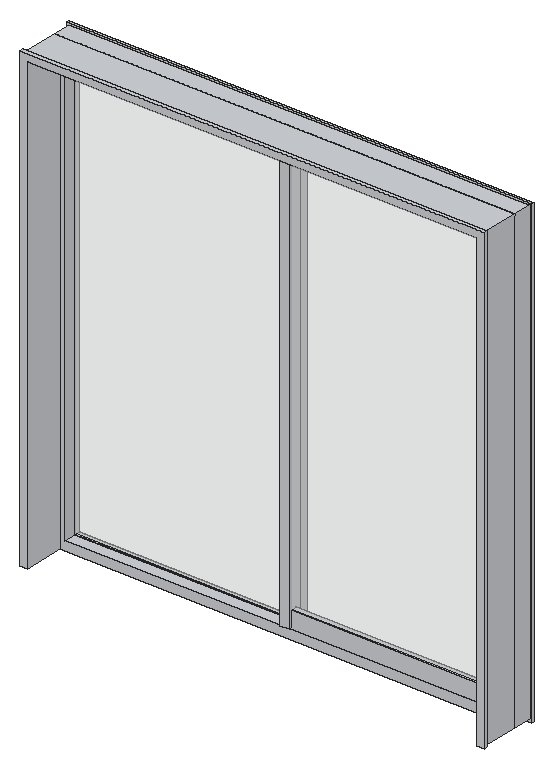
Revit family "APL Residential Thermal Heart Sliding Door SF", category Doors, host Wall, Revit 2017 (continued)
Definition of nested family "APL Residential Thermal Heart Sliding Door SF Vertical Section"
  Definition of nested family "Head Two Panel"
    Definition of nested family "65460_Door Top And Window Rail"
      Lines and regions (mm)
        detail lines, in view "Ref. Level"
          curve 281: line (5.299, 38.032, 0) -> (3.889, 37.519, 0)
          curve 282: line (3.119, 37.25, 0) -> (2.3, 37.25, 0)
          curve 283: line (1.8, 37.75, 0) -> (1.8, 41.053, 0)
          curve 284: line (2, 41.25, 0) -> (3, 41.25, 0)
          curve 285: line (3.2, 41.45, 0) -> (3.2, 42.55, 0)
          curve 286: line (3, 42.75, 0) -> (2, 42.75, 0)
          curve 287: line (1.8, 42.947, 0) -> (1.8, 56.053, 0)
          curve 288: line (2, 56.25, 0) -> (3, 56.25, 0)
          curve 289: line (3.2, 56.45, 0) -> (3.2, 57.55, 0)
          curve 290: line (3, 57.75, 0) -> (2, 57.75, 0)
          curve 291: line (1.8, 57.947, 0) -> (1.8, 71.8, 0)
          curve 292: line (1.6, 72, 0) -> (0.5, 72, 0)
          curve 293: line (0, 71.5, 0) -> (0, 0.2, 0)
          curve 294: line (0.2, 0, 0) -> (3.002, 0, 0)
          curve 295: line (3.202, 0.2, 0) -> (3.202, 1.63, 0)
          curve 296: line (3.002, 1.83, 0) -> (2.402, 1.83, 0)
          curve 297: line (2.202, 1.63, 0) -> (2.202, 1.28, 0)
          curve 298: line (2.002, 1.08, 0) -> (1.402, 1.08, 0)
          curve 299: line (1.202, 1.28, 0) -> (1.202, 4.38, 0)
          curve 300: line (1.402, 4.58, 0) -> (2.002, 4.58, 0)
          curve 301: line (2.202, 4.38, 0) -> (2.202, 4.03, 0)
          curve 302: line (2.402, 3.83, 0) -> (3.002, 3.83, 0)
          curve 303: line (3.202, 4.03, 0) -> (3.202, 7.13, 0)
          curve 304: arc (3.202, 7.13, 0) -> (3.143, 7.271, 0) -> (3.002, 7.33, 0) r 0.2
      Text (mm)
        text "65460" at (7.711, 85.3, 0), in view "Ref. Level"
    Definition of nested family "65400_Frame Head"
      Reference planes
        plane 1 "Center (Front/Back)": y = 0
        plane 2: z = 0
        plane 3 "Center (Left/Right)": x = 0
      Lines and regions (mm)
        detail lines, in view "Ref. Level"
          curve 1: arc (46.1, -24.2, 0) -> (45.602, -22.998, 0) -> (44.4, -22.5, 0) r 1.7
          curve 2: arc (29.9, -22.5, 0) -> (29.546, -22.354, 0) -> (29.4, -22, 0) r 0.5
          curve 3: arc (29.4, -8.901, 0) -> (29.546, -8.547, 0) -> (29.9, -8.4, 0) r 0.5
          curve 4: arc (36.605, -8.4, 0) -> (37.013, -8.479, 0) -> (37.363, -8.704, 0) r 1.1
          curve 5: arc (37.363, -8.704, 0) -> (38.199, -9.316, 0) -> (39.189, -9.621, 0) r 3.126
          curve 6: arc (62.286, -10.8, 0) -> (62.738, -11.119, 0) -> (63.285, -11.042, 0) r 0.75
          curve 7: arc (63.285, -11.042, 0) -> (64.2, -10.8, 0) -> (65.115, -11.042, 0) r 1.85
          curve 8: arc (65.115, -11.042, 0) -> (65.281, -11.112, 0) -> (65.459, -11.14, 0) r 0.75
          curve 9: arc (65.459, -11.14, 0) -> (65.663, -11.192, 0) -> (65.828, -11.324, 0) r 0.5
          curve 10: arc (65.828, -11.324, 0) -> (66.3, -12.65, 0) -> (65.828, -13.976, 0) r 2.1
          curve 11: arc (65.828, -13.976, 0) -> (65.663, -14.108, 0) -> (65.459, -14.16, 0) r 0.5
          curve 12: arc (65.459, -14.16, 0) -> (65.281, -14.188, 0) -> (65.115, -14.258, 0) r 0.75
          curve 13: arc (65.115, -14.258, 0) -> (63.721, -14.437, 0) -> (62.604, -13.585, 0) r 1.85
          curve 14: arc (62.604, -13.585, 0) -> (61.577, -13.317, 0) -> (61.309, -14.343, 0) r 0.75
          curve 15: arc (61.309, -14.343, 0) -> (62.349, -15.442, 0) -> (63.765, -15.972, 0) r 3.35
          curve 16: arc (63.765, -15.972, 0) -> (64.076, -16.138, 0) -> (64.2, -16.467, 0) r 0.5
          curve 17: arc (64.2, -25.517, 0) -> (64.489, -27.435, 0) -> (65.33, -29.182, 0) r 6.5
          curve 18: arc (65.33, -29.182, 0) -> (65.978, -30.526, 0) -> (66.2, -32, 0) r 5
          curve 19: arc (66.2, -41.1, 0) -> (66.054, -41.454, 0) -> (65.7, -41.6, 0) r 0.5
          curve 20: arc (47, -41.6, 0) -> (46.646, -41.454, 0) -> (46.5, -41.1, 0) r 0.5
          curve 21: arc (46.5, -36.5, 0) -> (46.396, -35.952, 0) -> (46.1, -35.48, 0) r 1.5
          curve 22: arc (24.183, -8.227, 0) -> (24.053, -8.162, 0) -> (24, -8.027, 0) r 0.2
          curve 23: arc (24.399, -5.679, 0) -> (24.668, -5.392, 0) -> (25.06, -5.387, 0) r 0.5
          curve 24: arc (25.06, -5.387, 0) -> (25.236, -5.3, 0) -> (25.42, -5.367, 0) r 0.25
          curve 25: arc (25.42, -5.367, 0) -> (25.563, -5.498, 0) -> (25.569, -5.691, 0) r 0.25
          curve 26: arc (26.823, -6.456, 0) -> (26.898, -6.489, 0) -> (26.979, -6.5, 0) r 0.3
          curve 27: arc (27.5, -6.5, 0) -> (27.658, -6.422, 0) -> (27.694, -6.25, 0) r 0.2
          curve 28: arc (27.5, -2.247, 0) -> (27.526, -2.125, 0) -> (27.6, -2.024, 0) r 0.3
          curve 29: arc (27.6, -2.024, 0) -> (27.664, -1.657, 0) -> (27.322, -1.51, 0) r 0.3
          curve 30: arc (25.179, -2.043, 0) -> (25.09, -2.095, 0) -> (25.038, -2.184, 0) r 0.2
          curve 31: arc (24.993, -2.352, 0) -> (24.852, -2.493, 0) -> (24.659, -2.441, 0) r 0.2
          curve 32: arc (24.295, -2.078, 0) -> (24.235, -1.992, 0) -> (24.208, -1.892, 0) r 0.3
          curve 33: arc (24.001, 0.474, 0) -> (24.117, 0.738, 0) -> (24.403, 0.782, 0) r 0.3
          curve 34: arc (25.813, 0.268, 0) -> (25.939, 0.181, 0) -> (26.005, 0.043, 0) r 0.3
          curve 35: arc (26.005, 0.043, 0) -> (26.278, -0.199, 0) -> (26.583, 0, 0) r 0.3
          curve 36: arc (28.9, 0, 0) -> (29.254, -0.146, 0) -> (29.4, -0.5, 0) r 0.5
          curve 37: arc (29.4, -6.1, 0) -> (29.546, -6.454, 0) -> (29.9, -6.6, 0) r 0.499
          curve 38: arc (37.767, -6.6, 0) -> (38.931, -6.835, 0) -> (39.913, -7.503, 0) r 2.996
          curve 39: arc (39.913, -7.503, 0) -> (40.232, -7.73, 0) -> (40.611, -7.831, 0) r 1.1
          curve 40: arc (68.1, -8.9, 0) -> (68.241, -8.841, 0) -> (68.3, -8.7, 0) r 0.2
          curve 41: arc (68.3, -0.5, 0) -> (68.446, -0.146, 0) -> (68.8, 0, 0) r 0.5
          curve 42: arc (71.117, 0, 0) -> (71.422, -0.199, 0) -> (71.695, 0.043, 0) r 0.3
          curve 43: arc (71.695, 0.043, 0) -> (71.761, 0.181, 0) -> (71.887, 0.268, 0) r 0.3
          curve 44: arc (73.297, 0.782, 0) -> (73.583, 0.738, 0) -> (73.699, 0.474, 0) r 0.3
          curve 45: arc (73.492, -1.892, 0) -> (73.465, -1.992, 0) -> (73.405, -2.078, 0) r 0.3
          curve 46: arc (73.041, -2.441, 0) -> (72.848, -2.493, 0) -> (72.707, -2.352, 0) r 0.2
          curve 47: arc (72.662, -2.184, 0) -> (72.61, -2.095, 0) -> (72.521, -2.043, 0) r 0.2
          curve 48: arc (70.378, -1.51, 0) -> (70.036, -1.657, 0) -> (70.1, -2.024, 0) r 0.3
          curve 49: arc (70.1, -2.024, 0) -> (70.174, -2.125, 0) -> (70.2, -2.247, 0) r 0.3
          curve 50: arc (70.006, -6.25, 0) -> (70.042, -6.422, 0) -> (70.2, -6.5, 0) r 0.2
          curve 51: arc (70.721, -6.5, 0) -> (70.802, -6.489, 0) -> (70.877, -6.456, 0) r 0.3
          curve 52: arc (72.131, -5.691, 0) -> (72.137, -5.498, 0) -> (72.28, -5.367, 0) r 0.25
          curve 53: arc (72.28, -5.367, 0) -> (72.55, -5.321, 0) -> (72.7, -5.55, 0) r 0.25
          curve 54: arc (72.7, -7.124, 0) -> (72.618, -7.522, 0) -> (72.385, -7.854, 0) r 1
          curve 55: arc (72.385, -7.854, 0) -> (72.322, -8, 0) -> (72.385, -8.146, 0) r 0.2
          curve 56: arc (72.385, -8.146, 0) -> (72.618, -8.477, 0) -> (72.7, -8.874, 0) r 1
          curve 57: arc (72.7, -10.449, 0) -> (72.573, -10.668, 0) -> (72.32, -10.663, 0) r 0.25
          curve 58: arc (72.234, -10.611, 0) -> (72.128, -10.479, 0) -> (72.131, -10.309, 0) r 0.25
          curve 59: arc (70.877, -9.544, 0) -> (70.802, -9.511, 0) -> (70.721, -9.5, 0) r 0.3
          curve 60: arc (70.2, -9.5, 0) -> (70.042, -9.578, 0) -> (70.006, -9.75, 0) r 0.2
          curve 61: arc (70.2, -13.753, 0) -> (70.174, -13.876, 0) -> (70.1, -13.976, 0) r 0.3
          curve 62: arc (70.1, -13.976, 0) -> (70.02, -14.307, 0) -> (70.3, -14.5, 0) r 0.3
          curve 63: arc (72.521, -13.957, 0) -> (72.61, -13.905, 0) -> (72.662, -13.816, 0) r 0.2
          curve 64: arc (72.707, -13.648, 0) -> (72.848, -13.507, 0) -> (73.041, -13.559, 0) r 0.2
          curve 65: arc (73.405, -13.922, 0) -> (73.465, -14.008, 0) -> (73.492, -14.108, 0) r 0.3
          curve 66: arc (73.699, -16.474, 0) -> (73.583, -16.738, 0) -> (73.297, -16.782, 0) r 0.3
          curve 67: arc (71.887, -16.268, 0) -> (71.761, -16.181, 0) -> (71.695, -16.043, 0) r 0.3
          curve 68: arc (71.695, -16.043, 0) -> (71.422, -15.801, 0) -> (71.117, -16, 0) r 0.3
          curve 69: arc (66.201, -16, 0) -> (65.847, -16.146, 0) -> (65.7, -16.5, 0) r 0.5
          curve 70: arc (65.7, -25.519, 0) -> (65.922, -26.994, 0) -> (66.57, -28.337, 0) r 5
          curve 71: arc (66.57, -28.337, 0) -> (67.411, -30.083, 0) -> (67.7, -32, 0) r 6.5
          curve 72: arc (67.7, -33.1, 0) -> (67.759, -33.241, 0) -> (67.9, -33.3, 0) r 0.2
          curve 73: arc (69.3, -33.3, 0) -> (69.441, -33.241, 0) -> (69.5, -33.1, 0) r 0.2
          curve 74: arc (69.5, -32.8, 0) -> (70, -32.299, 0) -> (70.5, -32.8, 0) r 0.5
          curve 75: arc (70.5, -35.351, 0) -> (69.999, -35.85, 0) -> (69.5, -35.35, 0) r 0.5
          curve 76: arc (69.5, -34.5, 0) -> (69.441, -34.359, 0) -> (69.3, -34.3, 0) r 0.2
          curve 77: arc (67.9, -34.3, 0) -> (67.759, -34.359, 0) -> (67.7, -34.5, 0) r 0.2
          curve 78: arc (67.7, -41.8, 0) -> (67.759, -41.941, 0) -> (67.9, -42, 0) r 0.2
          curve 79: arc (69.3, -42, 0) -> (69.441, -41.941, 0) -> (69.5, -41.8, 0) r 0.2
          curve 80: arc (69.5, -40.95, 0) -> (70, -40.449, 0) -> (70.5, -40.95, 0) r 0.5
          curve 81: arc (70.5, -42.499, 0) -> (70.354, -42.853, 0) -> (70, -43, 0) r 0.5
          curve 82: arc (42.7, -43, 0) -> (42.559, -42.941, 0) -> (42.5, -42.8, 0) r 0.2
          curve 83: arc (42.5, -41.25, 0) -> (43, -40.749, 0) -> (43.5, -41.25, 0) r 0.5
          curve 84: arc (43.5, -41.8, 0) -> (43.559, -41.941, 0) -> (43.7, -42, 0) r 0.2
          curve 85: arc (44.8, -42, 0) -> (44.941, -41.941, 0) -> (45, -41.8, 0) r 0.2
          curve 86: arc (45, -36.7, 0) -> (44.941, -36.559, 0) -> (44.8, -36.5, 0) r 0.2
          curve 87: arc (43.7, -36.5, 0) -> (43.559, -36.559, 0) -> (43.5, -36.7, 0) r 0.2
          curve 88: arc (43.5, -37.25, 0) -> (43, -37.749, 0) -> (42.5, -37.25, 0) r 0.5
          curve 89: arc (42.5, -36.5, 0) -> (42.793, -35.793, 0) -> (43.5, -35.5, 0) r 1
          curve 90: arc (44.395, -35.5, 0) -> (44.539, -35.443, 0) -> (44.6, -35.3, 0) r 0.202
          curve 91: arc (44.6, -24.2, 0) -> (44.538, -24.058, 0) -> (44.395, -24, 0) r 0.205
          curve 92: arc (26.583, -24, 0) -> (26.278, -23.801, 0) -> (26.005, -24.043, 0) r 0.3
          curve 93: arc (26.005, -24.043, 0) -> (25.939, -24.181, 0) -> (25.813, -24.268, 0) r 0.3
          curve 94: arc (24.403, -24.782, 0) -> (24.117, -24.738, 0) -> (24.001, -24.474, 0) r 0.3
          curve 95: arc (24.208, -22.108, 0) -> (24.235, -22.008, 0) -> (24.295, -21.922, 0) r 0.3
          curve 96: arc (24.659, -21.559, 0) -> (24.852, -21.507, 0) -> (24.993, -21.648, 0) r 0.2
          curve 97: arc (25.038, -21.816, 0) -> (25.09, -21.905, 0) -> (25.179, -21.957, 0) r 0.2
          curve 98: arc (27.322, -22.49, 0) -> (27.664, -22.343, 0) -> (27.6, -21.976, 0) r 0.3
          curve 99: arc (27.6, -21.976, 0) -> (27.526, -21.875, 0) -> (27.5, -21.753, 0) r 0.3
          curve 100: arc (27.694, -17.75, 0) -> (27.658, -17.578, 0) -> (27.5, -17.5, 0) r 0.2
          curve 101: arc (26.979, -17.5, 0) -> (26.898, -17.511, 0) -> (26.823, -17.544, 0) r 0.3
          curve 102: arc (25.569, -18.309, 0) -> (25.563, -18.502, 0) -> (25.42, -18.633, 0) r 0.25
          curve 103: arc (25.42, -18.633, 0) -> (25.15, -18.679, 0) -> (25, -18.45, 0) r 0.25
          curve 104: arc (25, -16.874, 0) -> (25.128, -16.385, 0) -> (25.479, -16.021, 0) r 1
          curve 105: line (46.1, -35.48, 0) -> (46.1, -24.2, 0)
          curve 106: line (44.4, -22.5, 0) -> (29.9, -22.5, 0)
          curve 107: line (29.4, -22, 0) -> (29.4, -8.901, 0)
          curve 108: line (29.9, -8.4, 0) -> (36.605, -8.4, 0)
          curve 109: line (39.189, -9.621, 0) -> (53.629, -10.8, 0)
          curve 110: line (53.629, -10.8, 0) -> (62.286, -10.8, 0)
          curve 111: line (64.2, -16.467, 0) -> (64.2, -25.517, 0)
          curve 112: line (66.2, -32, 0) -> (66.2, -41.1, 0)
          curve 113: line (65.7, -41.6, 0) -> (47, -41.6, 0)
          curve 114: line (46.5, -41.1, 0) -> (46.5, -36.5, 0)
          curve 115: line (27.317, -8.501, 0) -> (24.183, -8.227, 0)
          curve 116: line (24, -8.027, 0) -> (24, -6.776, 0)
          curve 117: line (24, -6.776, 0) -> (24.399, -5.679, 0)
          curve 118: line (25.569, -5.691, 0) -> (26.823, -6.456, 0)
          curve 119: line (26.979, -6.5, 0) -> (27.5, -6.5, 0)
          curve 120: line (27.694, -6.25, 0) -> (27.5, -5.5, 0)
          curve 121: line (27.5, -5.475, 0) -> (27.5, -2.247, 0)
          curve 122: line (27.312, -1.472, 0) -> (25.179, -2.043, 0)
          curve 123: line (25.038, -2.184, 0) -> (24.993, -2.352, 0)
          curve 124: line (24.659, -2.441, 0) -> (24.295, -2.078, 0)
          curve 125: line (24.208, -1.892, 0) -> (24.001, 0.474, 0)
          curve 126: line (24.403, 0.782, 0) -> (25.813, 0.268, 0)
          curve 127: line (26.583, 0, 0) -> (28.9, 0, 0)
          curve 128: line (29.4, -0.5, 0) -> (29.4, -6.1, 0)
          curve 129: line (29.9, -6.6, 0) -> (33.5, -6.6, 0)
          curve 130: line (33.5, -6.6, 0) -> (33.9, -7, 0)
          curve 131: line (33.9, -7, 0) -> (34.3, -6.6, 0)
          curve 132: line (34.3, -6.6, 0) -> (37.767, -6.6, 0)
          curve 133: line (40.611, -7.831, 0) -> (53.707, -8.9, 0)
          curve 134: line (53.707, -8.9, 0) -> (58.307, -8.9, 0)
          curve 135: line (58.307, -8.9, 0) -> (58.707, -9.3, 0)
          curve 136: line (58.707, -9.3, 0) -> (59.107, -8.9, 0)
          curve 137: line (59.107, -8.9, 0) -> (68.1, -8.9, 0)
          curve 138: line (68.3, -8.7, 0) -> (68.3, -0.5, 0)
          curve 139: line (68.8, 0, 0) -> (71.117, 0, 0)
          curve 140: line (71.887, 0.268, 0) -> (73.297, 0.782, 0)
          curve 141: line (73.699, 0.474, 0) -> (73.492, -1.892, 0)
          curve 142: line (73.405, -2.078, 0) -> (73.041, -2.441, 0)
          curve 143: line (72.707, -2.352, 0) -> (72.662, -2.184, 0)
          curve 144: line (72.521, -2.043, 0) -> (70.388, -1.472, 0)
          curve 145: line (70.2, -2.247, 0) -> (70.2, -5.475, 0)
          curve 146: line (70.2, -5.5, 0) -> (70.006, -6.25, 0)
          curve 147: line (70.2, -6.5, 0) -> (70.721, -6.5, 0)
          curve 148: line (70.877, -6.456, 0) -> (72.131, -5.691, 0)
          curve 149: line (72.7, -5.55, 0) -> (72.7, -7.124, 0)
          curve 150: line (72.7, -8.874, 0) -> (72.7, -10.449, 0)
          curve 151: line (72.131, -10.309, 0) -> (70.877, -9.544, 0)
          curve 152: line (70.721, -9.5, 0) -> (70.2, -9.5, 0)
          curve 153: line (70.006, -9.75, 0) -> (70.2, -10.5, 0)
          curve 154: line (70.2, -10.525, 0) -> (70.2, -13.753, 0)
          curve 155: line (70.532, -14.49, 0) -> (72.521, -13.957, 0)
          curve 156: line (72.662, -13.816, 0) -> (72.707, -13.648, 0)
          curve 157: line (73.041, -13.559, 0) -> (73.405, -13.922, 0)
          curve 158: line (73.492, -14.108, 0) -> (73.699, -16.474, 0)
          curve 159: line (73.297, -16.782, 0) -> (71.887, -16.268, 0)
          curve 160: line (71.117, -16, 0) -> (66.201, -16, 0)
          curve 161: line (65.7, -16.5, 0) -> (65.7, -25.519, 0)
          curve 162: line (67.7, -32, 0) -> (67.7, -33.1, 0)
          curve 163: line (67.9, -33.3, 0) -> (69.3, -33.3, 0)
          curve 164: line (69.5, -33.1, 0) -> (69.5, -32.8, 0)
          curve 165: line (70.5, -32.8, 0) -> (70.5, -35.351, 0)
          curve 166: line (69.5, -35.35, 0) -> (69.5, -34.5, 0)
          curve 167: line (69.3, -34.3, 0) -> (67.9, -34.3, 0)
          curve 168: line (67.7, -34.5, 0) -> (67.7, -41.8, 0)
          curve 169: line (67.9, -42, 0) -> (69.3, -42, 0)
          curve 170: line (69.5, -41.8, 0) -> (69.5, -40.95, 0)
          curve 171: line (70.5, -40.95, 0) -> (70.5, -42.499, 0)
          curve 172: line (70, -43, 0) -> (42.7, -43, 0)
          curve 173: line (42.5, -42.8, 0) -> (42.5, -41.25, 0)
          curve 174: line (43.5, -41.25, 0) -> (43.5, -41.8, 0)
          curve 175: line (43.7, -42, 0) -> (44.8, -42, 0)
          curve 176: line (45, -41.8, 0) -> (45, -36.7, 0)
          curve 177: line (44.8, -36.5, 0) -> (43.7, -36.5, 0)
          curve 178: line (43.5, -36.7, 0) -> (43.5, -37.25, 0)
          curve 179: line (42.5, -37.25, 0) -> (42.5, -36.5, 0)
          curve 180: line (43.5, -35.5, 0) -> (44.395, -35.5, 0)
          curve 181: line (44.6, -35.3, 0) -> (44.6, -24.2, 0)
          curve 182: line (44.395, -24, 0) -> (34.3, -24, 0)
          curve 183: line (34.3, -24, 0) -> (33.9, -23.6, 0)
          curve 184: line (33.9, -23.6, 0) -> (33.5, -24, 0)
          curve 185: line (33.5, -24, 0) -> (26.583, -24, 0)
          curve 186: line (25.813, -24.268, 0) -> (24.403, -24.782, 0)
          curve 187: line (24.001, -24.474, 0) -> (24.208, -22.108, 0)
          curve 188: line (24.295, -21.922, 0) -> (24.659, -21.559, 0)
          curve 189: line (24.993, -21.648, 0) -> (25.038, -21.816, 0)
          curve 190: line (25.179, -21.957, 0) -> (27.312, -22.528, 0)
          curve 191: line (27.5, -21.753, 0) -> (27.5, -18.525, 0)
          curve 192: line (27.5, -18.5, 0) -> (27.694, -17.75, 0)
          curve 193: line (27.5, -17.5, 0) -> (26.979, -17.5, 0)
          curve 194: line (26.823, -17.544, 0) -> (25.569, -18.309, 0)
          curve 195: line (25, -18.45, 0) -> (25, -16.874, 0)
          curve 196: line (25.479, -16.021, 0) -> (26.284, -15.529, 0)
          curve 197: line (26.389, -15.5, 0) -> (27.5, -15.5, 0)
          curve 198: line (27.5, -15.5, 0) -> (27.5, -8.7, 0)
          curve 199: arc (27.5, -8.7, 0) -> (27.447, -8.565, 0) -> (27.317, -8.501, 0) r 0.2
          curve 200: arc (70.2, -10.4, 0) -> (70.317, -10.117, 0) -> (70.6, -10, 0) r 0.4
          curve 201: arc (70.893, -10, 0) -> (70.996, -10.014, 0) -> (71.093, -10.054, 0) r 0.4
          curve 202: arc (72.621, -10.939, 0) -> (72.911, -11.059, 0) -> (73.222, -11.1, 0) r 1.2
          curve 203: arc (74.145, -11.1, 0) -> (74.718, -11.281, 0) -> (75.084, -11.758, 0) r 1
          curve 204: arc (75.877, -13.937, 0) -> (76.024, -14.128, 0) -> (76.253, -14.2, 0) r 0.4
          curve 205: arc (78.947, -14.2, 0) -> (79.176, -14.128, 0) -> (79.323, -13.937, 0) r 0.4
          curve 206: arc (80.116, -11.758, 0) -> (80.482, -11.281, 0) -> (81.055, -11.1, 0) r 1
          curve 207: arc (81.978, -11.1, 0) -> (82.289, -11.059, 0) -> (82.579, -10.939, 0) r 1.2
          curve 208: arc (84.107, -10.054, 0) -> (84.204, -10.014, 0) -> (84.307, -10, 0) r 0.4
          curve 209: arc (84.6, -10, 0) -> (84.883, -10.117, 0) -> (85, -10.4, 0) r 0.4
          curve 210: arc (85, -13.8, 0) -> (84.883, -14.083, 0) -> (84.6, -14.2, 0) r 0.4
          curve 211: arc (84.307, -14.2, 0) -> (84.204, -14.186, 0) -> (84.107, -14.146, 0) r 0.4
          curve 212: arc (82.579, -13.262, 0) -> (82.285, -13.14, 0) -> (81.97, -13.1, 0) r 1.2
          curve 213: arc (81.97, -13.1, 0) -> (81.795, -13.153, 0) -> (81.684, -13.297, 0) r 0.3
          curve 214: arc (80.796, -15.737, 0) -> (80.649, -15.928, 0) -> (80.42, -16, 0) r 0.4
          curve 215: arc (74.78, -16, 0) -> (74.551, -15.928, 0) -> (74.404, -15.737, 0) r 0.4
          curve 216: arc (73.516, -13.297, 0) -> (73.405, -13.153, 0) -> (73.23, -13.1, 0) r 0.3
          curve 217: arc (73.23, -13.1, 0) -> (72.915, -13.14, 0) -> (72.621, -13.262, 0) r 1.2
          curve 218: arc (71.093, -14.146, 0) -> (70.996, -14.186, 0) -> (70.893, -14.2, 0) r 0.4
          curve 219: arc (70.6, -14.2, 0) -> (70.317, -14.083, 0) -> (70.2, -13.8, 0) r 0.4
          curve 220: line (70.6, -10, 0) -> (70.893, -10, 0)
          curve 221: line (71.093, -10.054, 0) -> (72.621, -10.939, 0)
          curve 222: line (73.222, -11.1, 0) -> (74.145, -11.1, 0)
          curve 223: line (75.084, -11.758, 0) -> (75.877, -13.937, 0)
          curve 224: line (76.253, -14.2, 0) -> (78.947, -14.2, 0)
          curve 225: line (79.323, -13.937, 0) -> (80.116, -11.758, 0)
          curve 226: line (81.055, -11.1, 0) -> (81.978, -11.1, 0)
          curve 227: line (82.579, -10.939, 0) -> (84.107, -10.054, 0)
          curve 228: line (84.307, -10, 0) -> (84.6, -10, 0)
          curve 229: line (85, -10.4, 0) -> (85, -13.8, 0)
          curve 230: line (84.6, -14.2, 0) -> (84.307, -14.2, 0)
          curve 231: line (84.107, -14.146, 0) -> (82.579, -13.262, 0)
          curve 232: line (81.684, -13.297, 0) -> (80.796, -15.737, 0)
          curve 233: line (80.42, -16, 0) -> (74.78, -16, 0)
          curve 234: line (74.404, -15.737, 0) -> (73.516, -13.297, 0)
          curve 235: line (72.621, -13.262, 0) -> (71.093, -14.146, 0)
          curve 236: line (70.893, -14.2, 0) -> (70.6, -14.2, 0)
          curve 237: line (70.2, -13.8, 0) -> (70.2, -10.4, 0)
          curve 238: arc (70.2, -5.6, 0) -> (70.317, -5.883, 0) -> (70.6, -6, 0) r 0.4
          curve 239: arc (70.893, -6, 0) -> (70.996, -5.986, 0) -> (71.093, -5.946, 0) r 0.4
          curve 240: arc (72.621, -5.061, 0) -> (72.911, -4.941, 0) -> (73.222, -4.9, 0) r 1.2
          curve 241: arc (74.145, -4.9, 0) -> (74.718, -4.719, 0) -> (75.084, -4.242, 0) r 1
          curve 242: arc (75.877, -2.063, 0) -> (76.024, -1.872, 0) -> (76.253, -1.8, 0) r 0.4
          curve 243: arc (78.947, -1.8, 0) -> (79.176, -1.872, 0) -> (79.323, -2.063, 0) r 0.4
          curve 244: arc (80.116, -4.242, 0) -> (80.482, -4.719, 0) -> (81.055, -4.9, 0) r 1
          curve 245: arc (81.978, -4.9, 0) -> (82.289, -4.941, 0) -> (82.579, -5.061, 0) r 1.2
          curve 246: arc (84.107, -5.946, 0) -> (84.204, -5.986, 0) -> (84.307, -6, 0) r 0.4
          curve 247: arc (84.6, -6, 0) -> (84.883, -5.883, 0) -> (85, -5.6, 0) r 0.4
          curve 248: arc (85, -2.2, 0) -> (84.883, -1.917, 0) -> (84.6, -1.8, 0) r 0.4
          curve 249: arc (84.307, -1.8, 0) -> (84.204, -1.814, 0) -> (84.107, -1.854, 0) r 0.4
          curve 250: arc (82.579, -2.739, 0) -> (82.285, -2.86, 0) -> (81.97, -2.9, 0) r 1.2
          curve 251: arc (81.97, -2.9, 0) -> (81.795, -2.847, 0) -> (81.684, -2.703, 0) r 0.3
          curve 252: arc (80.796, -0.263, 0) -> (80.649, -0.072, 0) -> (80.42, 0, 0) r 0.4
          curve 253: arc (74.78, 0, 0) -> (74.551, -0.072, 0) -> (74.404, -0.263, 0) r 0.4
          curve 254: arc (73.516, -2.703, 0) -> (73.405, -2.847, 0) -> (73.23, -2.9, 0) r 0.3
          curve 255: arc (73.23, -2.9, 0) -> (72.915, -2.86, 0) -> (72.621, -2.739, 0) r 1.2
          curve 256: arc (71.093, -1.854, 0) -> (70.996, -1.814, 0) -> (70.893, -1.8, 0) r 0.4
          curve 257: arc (70.6, -1.8, 0) -> (70.317, -1.917, 0) -> (70.2, -2.2, 0) r 0.4
          curve 258: line (70.6, -6, 0) -> (70.893, -6, 0)
          curve 259: line (71.093, -5.946, 0) -> (72.621, -5.061, 0)
          curve 260: line (73.222, -4.9, 0) -> (74.145, -4.9, 0)
          curve 261: line (75.084, -4.242, 0) -> (75.877, -2.063, 0)
          curve 262: line (76.253, -1.8, 0) -> (78.947, -1.8, 0)
          curve 263: line (79.323, -2.063, 0) -> (80.116, -4.242, 0)
          curve 264: line (81.055, -4.9, 0) -> (81.978, -4.9, 0)
          curve 265: line (82.579, -5.061, 0) -> (84.107, -5.946, 0)
          curve 266: line (84.307, -6, 0) -> (84.6, -6, 0)
          curve 267: line (85, -5.6, 0) -> (85, -2.2, 0)
          curve 268: line (84.6, -1.8, 0) -> (84.307, -1.8, 0)
          curve 269: line (84.107, -1.854, 0) -> (82.579, -2.739, 0)
          curve 270: line (81.684, -2.703, 0) -> (80.796, -0.263, 0)
          curve 271: line (80.42, 0, 0) -> (74.78, 0, 0)
          curve 272: line (74.404, -0.263, 0) -> (73.516, -2.703, 0)
          curve 273: line (72.621, -2.739, 0) -> (71.093, -1.854, 0)
          curve 274: line (70.893, -1.8, 0) -> (70.6, -1.8, 0)
          curve 275: line (70.2, -2.2, 0) -> (70.2, -5.6, 0)
          curve 276: arc (113.4, -35.877, 0) -> (113.327, -35.95, 0) -> (113.3, -36.05, 0) r 0.2
          curve 277: arc (113.3, -40.25, 0) -> (113.327, -40.35, 0) -> (113.4, -40.423, 0) r 0.2
          curve 278: arc (113.4, -40.423, 0) -> (113.473, -40.496, 0) -> (113.5, -40.596, 0) r 0.2
          curve 279: arc (113.5, -41.8, 0) -> (113.441, -41.941, 0) -> (113.3, -42, 0) r 0.2
          curve 280: arc (111.701, -42, 0) -> (111.559, -41.942, 0) -> (111.5, -41.8, 0) r 0.2
          curve 281: arc (111.5, -40.95, 0) -> (111, -40.451, 0) -> (110.5, -40.95, 0) r 0.5
          curve 282: arc (110.5, -42.5, 0) -> (110.646, -42.854, 0) -> (111, -43, 0) r 0.499
          curve 283: arc (114.5, -43, 0) -> (114.847, -42.847, 0) -> (115, -42.5, 0) r 0.523
          curve 284: arc (115, -21.5, 0) -> (114.856, -21.144, 0) -> (114.5, -21, 0) r 0.493
          curve 285: arc (111.7, -21, 0) -> (111.558, -20.942, 0) -> (111.5, -20.8, 0) r 0.199
          curve 286: arc (111.5, -13.199, 0) -> (110.852, -11.559, 0) -> (109.258, -10.805, 0) r 2.399
          curve 287: arc (109.258, -10.805, 0) -> (108.878, -10.588, 0) -> (108.814, -10.156, 0) r 0.5
          curve 288: arc (108.814, -10.156, 0) -> (109, -8.953, 0) -> (108.816, -7.75, 0) r 4
          curve 289: arc (108.816, -7.75, 0) -> (108.89, -7.304, 0) -> (109.293, -7.1, 0) r 0.5
          curve 290: arc (109.5, -7.1, 0) -> (110.914, -6.514, 0) -> (111.5, -5.1, 0) r 2.001
          curve 291: arc (120.75, -1.5, 0) -> (121.501, -0.747, 0) -> (120.745, 0, 0) r 0.75
          curve 292: arc (111.5, 0, 0) -> (110.439, -0.439, 0) -> (110, -1.5, 0) r 1.5
          curve 293: arc (110, -5, 0) -> (109.941, -5.141, 0) -> (109.8, -5.2, 0) r 0.2
          curve 294: arc (100.5, -5.2, 0) -> (100.146, -5.346, 0) -> (100, -5.7, 0) r 0.5
          curve 295: arc (100, -6.2, 0) -> (100.146, -6.554, 0) -> (100.5, -6.7, 0) r 0.5
          curve 296: arc (101.927, -6.7, 0) -> (102.266, -6.833, 0) -> (102.426, -7.16, 0) r 0.5
          curve 297: arc (102.426, -7.16, 0) -> (102.912, -7.803, 0) -> (103.7, -7.634, 0) r 0.75
          curve 298: arc (103.7, -7.634, 0) -> (105, -7.1, 0) -> (106.3, -7.634, 0) r 1.85
          curve 299: arc (106.3, -7.634, 0) -> (106.442, -7.744, 0) -> (106.607, -7.817, 0) r 0.75
          curve 300: arc (106.607, -7.817, 0) -> (106.791, -7.92, 0) -> (106.916, -8.09, 0) r 0.5
          curve 301: arc (106.916, -8.09, 0) -> (107.1, -8.95, 0) -> (106.916, -9.81, 0) r 2.1
          curve 302: arc (106.916, -9.81, 0) -> (106.791, -9.98, 0) -> (106.607, -10.083, 0) r 0.5
          curve 303: arc (106.607, -10.083, 0) -> (106.442, -10.156, 0) -> (106.3, -10.266, 0) r 0.75
          curve 304: arc (106.3, -10.266, 0) -> (105, -10.8, 0) -> (103.7, -10.266, 0) r 1.85
          curve 305: arc (103.7, -10.266, 0) -> (103.027, -10.064, 0) -> (102.482, -10.509, 0) r 0.75
          curve 306: arc (102.482, -10.509, 0) -> (102.32, -10.716, 0) -> (102.075, -10.812, 0) r 0.5
          curve 307: arc (102.075, -10.812, 0) -> (101.154, -11.14, 0) -> (100.481, -11.85, 0) r 2.1
          curve 308: arc (100.481, -11.85, 0) -> (100.298, -12.033, 0) -> (100.048, -12.1, 0) r 0.5
          curve 309: arc (91.556, -12.1, 0) -> (91.287, -12.022, 0) -> (91.103, -11.812, 0) r 0.5
          curve 310: arc (91.103, -11.812, 0) -> (90.328, -10.929, 0) -> (89.2, -10.6, 0) r 2.1
          curve 311: arc (87.9, -10.6, 0) -> (87.193, -10.307, 0) -> (86.9, -9.6, 0) r 1
          curve 312: arc (86.9, -0.5, 0) -> (86.754, -0.146, 0) -> (86.4, 0, 0) r 0.5
          curve 313: arc (84.083, 0, 0) -> (83.778, -0.199, 0) -> (83.505, 0.043, 0) r 0.3
          curve 314: arc (83.505, 0.043, 0) -> (83.439, 0.181, 0) -> (83.313, 0.268, 0) r 0.3
          curve 315: arc (81.903, 0.782, 0) -> (81.617, 0.738, 0) -> (81.501, 0.474, 0) r 0.3
          curve 316: arc (81.708, -1.892, 0) -> (81.735, -1.992, 0) -> (81.795, -2.078, 0) r 0.3
          curve 317: arc (82.159, -2.441, 0) -> (82.352, -2.493, 0) -> (82.493, -2.352, 0) r 0.2
          curve 318: arc (82.538, -2.184, 0) -> (82.59, -2.095, 0) -> (82.679, -2.043, 0) r 0.2
          curve 319: arc (84.822, -1.51, 0) -> (85.164, -1.657, 0) -> (85.1, -2.024, 0) r 0.3
          curve 320: arc (85.1, -2.024, 0) -> (85.026, -2.125, 0) -> (85, -2.247, 0) r 0.3
          curve 321: arc (85.194, -6.25, 0) -> (85.158, -6.422, 0) -> (85, -6.5, 0) r 0.2
          curve 322: arc (84.479, -6.5, 0) -> (84.398, -6.489, 0) -> (84.323, -6.456, 0) r 0.3
          curve 323: arc (83.069, -5.691, 0) -> (83.063, -5.498, 0) -> (82.92, -5.367, 0) r 0.25
          curve 324: arc (82.92, -5.367, 0) -> (82.65, -5.321, 0) -> (82.5, -5.55, 0) r 0.25
          curve 325: arc (82.5, -7.126, 0) -> (82.582, -7.523, 0) -> (82.815, -7.854, 0) r 1
          curve 326: arc (82.815, -7.854, 0) -> (82.878, -8, 0) -> (82.815, -8.146, 0) r 0.2
          curve 327: arc (82.815, -8.146, 0) -> (82.582, -8.477, 0) -> (82.5, -8.874, 0) r 1
          curve 328: arc (82.5, -10.45, 0) -> (82.628, -10.668, 0) -> (82.88, -10.663, 0) r 0.25
          curve 329: arc (82.966, -10.611, 0) -> (83.072, -10.479, 0) -> (83.069, -10.309, 0) r 0.25
          curve 330: arc (84.323, -9.544, 0) -> (84.398, -9.511, 0) -> (84.479, -9.5, 0) r 0.3
          curve 331: arc (85, -9.5, 0) -> (85.158, -9.577, 0) -> (85.194, -9.75, 0) r 0.2
          curve 332: arc (85, -13.753, 0) -> (85.026, -13.875, 0) -> (85.1, -13.976, 0) r 0.3
          curve 333: arc (85.1, -13.976, 0) -> (85.164, -14.343, 0) -> (84.822, -14.49, 0) r 0.3
          curve 334: arc (82.679, -13.957, 0) -> (82.59, -13.905, 0) -> (82.538, -13.816, 0) r 0.2
          curve 335: arc (82.493, -13.648, 0) -> (82.352, -13.507, 0) -> (82.159, -13.559, 0) r 0.2
          curve 336: arc (81.795, -13.922, 0) -> (81.735, -14.008, 0) -> (81.708, -14.108, 0) r 0.3
          curve 337: arc (81.501, -16.474, 0) -> (81.617, -16.738, 0) -> (81.903, -16.782, 0) r 0.3
          curve 338: arc (83.313, -16.268, 0) -> (83.439, -16.181, 0) -> (83.505, -16.043, 0) r 0.3
          curve 339: arc (83.505, -16.043, 0) -> (83.778, -15.801, 0) -> (84.083, -16, 0) r 0.3
          curve 340: arc (86.7, -16, 0) -> (86.841, -15.941, 0) -> (86.9, -15.8, 0) r 0.2
          curve 341: arc (86.9, -12.7, 0) -> (86.959, -12.559, 0) -> (87.1, -12.5, 0) r 0.2
          curve 342: arc (89.2, -12.5, 0) -> (89.341, -12.559, 0) -> (89.4, -12.7, 0) r 0.2
          curve 343: arc (89.4, -13.8, 0) -> (89.459, -13.941, 0) -> (89.6, -14, 0) r 0.2
          curve 344: arc (101.9, -14, 0) -> (102.042, -13.941, 0) -> (102.1, -13.8, 0) r 0.2
          curve 345: arc (102.1, -12.9, 0) -> (102.159, -12.759, 0) -> (102.3, -12.7, 0) r 0.2
          curve 346: arc (109.1, -12.7, 0) -> (109.454, -12.846, 0) -> (109.6, -13.2, 0) r 0.5
          curve 347: arc (109.6, -14.5, 0) -> (109.541, -14.641, 0) -> (109.4, -14.7, 0) r 0.2
          curve 348: arc (107.3, -14.7, 0) -> (107.159, -14.759, 0) -> (107.1, -14.9, 0) r 0.2
          curve 349: arc (107.1, -15.8, 0) -> (107.159, -15.941, 0) -> (107.3, -16, 0) r 0.2
          curve 350: arc (109.5, -16, 0) -> (109.854, -16.146, 0) -> (110, -16.5, 0) r 0.5
          curve 351: arc (110, -22.8, 0) -> (110.146, -23.154, 0) -> (110.5, -23.3, 0) r 0.5
          curve 352: arc (111.3, -23.3, 0) -> (111.441, -23.241, 0) -> (111.5, -23.1, 0) r 0.2
          curve 353: arc (113.3, -22.3, 0) -> (113.441, -22.359, 0) -> (113.5, -22.5, 0) r 0.2
          curve 354: arc (113.5, -27.4, 0) -> (113.1, -27.8, 0) -> (113.5, -28.2, 0) r 0.4
          curve 355: arc (113.5, -33.1, 0) -> (113.441, -33.241, 0) -> (113.3, -33.3, 0) r 0.2
          curve 356: arc (111.5, -32.7, 0) -> (111.383, -32.417, 0) -> (111.1, -32.3, 0) r 0.4
          curve 357: arc (111, -32.3, 0) -> (110.646, -32.447, 0) -> (110.5, -32.8, 0) r 0.5
          curve 358: arc (110.5, -35.35, 0) -> (111, -35.85, 0) -> (111.5, -35.35, 0) r 0.5
          curve 359: arc (111.5, -34.5, 0) -> (111.559, -34.359, 0) -> (111.7, -34.3, 0) r 0.2
          curve 360: arc (113.3, -34.3, 0) -> (113.441, -34.359, 0) -> (113.5, -34.5, 0) r 0.2
          curve 361: line (113.3, -36.05, 0) -> (113.3, -40.25, 0)
          curve 362: line (113.5, -40.596, 0) -> (113.5, -41.8, 0)
          curve 363: line (113.3, -42, 0) -> (111.701, -42, 0)
          curve 364: line (111.5, -41.8, 0) -> (111.5, -40.95, 0)
          curve 365: line (110.5, -40.95, 0) -> (110.5, -42.5, 0)
          curve 366: line (111, -43, 0) -> (114.5, -43, 0)
          curve 367: line (115, -42.5, 0) -> (115, -21.5, 0)
          curve 368: line (114.5, -21, 0) -> (111.7, -21, 0)
          curve 369: line (111.5, -20.8, 0) -> (111.5, -13.199, 0)
          curve 370: line (109.293, -7.1, 0) -> (109.5, -7.1, 0)
          curve 371: line (111.5, -5.1, 0) -> (111.5, -1.5, 0)
          curve 372: line (111.5, -1.5, 0) -> (120.75, -1.5, 0)
          curve 373: line (120.745, 0, 0) -> (119, 0, 0)
          curve 374: line (119, 0, 0) -> (118.6, -0.4, 0)
          curve 375: line (118.6, -0.4, 0) -> (112.3, -0.4, 0)
          curve 376: line (112.3, -0.4, 0) -> (111.9, 0, 0)
          curve 377: line (111.9, 0, 0) -> (111.5, 0, 0)
          curve 378: line (110, -1.5, 0) -> (110, -5, 0)
          curve 379: line (109.8, -5.2, 0) -> (100.5, -5.2, 0)
          curve 380: line (100, -5.7, 0) -> (100, -6.2, 0)
          curve 381: line (100.5, -6.7, 0) -> (101.927, -6.7, 0)
          curve 382: line (100.048, -12.1, 0) -> (91.556, -12.1, 0)
          curve 383: line (89.2, -10.6, 0) -> (87.9, -10.6, 0)
          curve 384: line (86.9, -9.6, 0) -> (86.9, -0.5, 0)
          curve 385: line (86.4, 0, 0) -> (84.083, 0, 0)
          curve 386: line (83.313, 0.268, 0) -> (81.903, 0.782, 0)
          curve 387: line (81.501, 0.474, 0) -> (81.708, -1.892, 0)
          curve 388: line (81.795, -2.078, 0) -> (82.159, -2.441, 0)
          curve 389: line (82.493, -2.352, 0) -> (82.538, -2.184, 0)
          curve 390: line (82.679, -2.043, 0) -> (84.812, -1.472, 0)
          curve 391: line (85, -2.247, 0) -> (85, -5.475, 0)
          curve 392: line (85, -5.5, 0) -> (85.194, -6.25, 0)
          curve 393: line (85, -6.5, 0) -> (84.479, -6.5, 0)
          curve 394: line (84.323, -6.456, 0) -> (83.069, -5.691, 0)
          curve 395: line (82.5, -5.55, 0) -> (82.5, -7.126, 0)
          curve 396: line (82.5, -8.874, 0) -> (82.5, -10.45, 0)
          curve 397: line (83.069, -10.309, 0) -> (84.323, -9.544, 0)
          curve 398: line (84.479, -9.5, 0) -> (85, -9.5, 0)
          curve 399: line (85.194, -9.75, 0) -> (85, -10.5, 0)
          curve 400: line (85, -10.525, 0) -> (85, -13.752, 0)
          curve 401: line (84.812, -14.528, 0) -> (82.679, -13.957, 0)
          curve 402: line (82.538, -13.816, 0) -> (82.493, -13.648, 0)
          curve 403: line (82.159, -13.559, 0) -> (81.795, -13.922, 0)
          curve 404: line (81.708, -14.108, 0) -> (81.501, -16.474, 0)
          curve 405: line (81.903, -16.782, 0) -> (83.313, -16.268, 0)
          curve 406: line (84.083, -16, 0) -> (86.7, -16, 0)
          curve 407: line (86.9, -15.8, 0) -> (86.9, -12.7, 0)
          curve 408: line (87.1, -12.5, 0) -> (89.2, -12.5, 0)
          curve 409: line (89.4, -12.7, 0) -> (89.4, -13.8, 0)
          curve 410: line (89.6, -14, 0) -> (95.4, -14, 0)
          curve 411: line (95.4, -14, 0) -> (95.8, -13.6, 0)
          curve 412: line (95.8, -13.6, 0) -> (96.2, -14, 0)
          curve 413: line (96.2, -14, 0) -> (101.9, -14, 0)
          curve 414: line (102.1, -13.8, 0) -> (102.1, -12.9, 0)
          curve 415: line (102.3, -12.7, 0) -> (109.1, -12.7, 0)
          curve 416: line (109.6, -13.2, 0) -> (109.6, -14.5, 0)
          curve 417: line (109.4, -14.7, 0) -> (107.3, -14.7, 0)
          curve 418: line (107.1, -14.9, 0) -> (107.1, -15.8, 0)
          curve 419: line (107.3, -16, 0) -> (109.5, -16, 0)
          curve 420: line (110, -16.5, 0) -> (110, -22.8, 0)
          curve 421: line (110.5, -23.3, 0) -> (111.3, -23.3, 0)
          curve 422: line (111.5, -23.1, 0) -> (111.5, -22.3, 0)
          curve 423: line (111.5, -22.3, 0) -> (113.3, -22.3, 0)
          curve 424: line (113.5, -22.5, 0) -> (113.5, -27.4, 0)
          curve 425: line (113.5, -28.2, 0) -> (113.5, -33.1, 0)
          curve 426: line (113.3, -33.3, 0) -> (111.5, -33.3, 0)
          curve 427: line (111.5, -33.3, 0) -> (111.5, -32.7, 0)
          curve 428: line (110.5, -32.8, 0) -> (110.5, -35.35, 0)
          curve 429: line (111.5, -35.35, 0) -> (111.5, -34.5, 0)
          curve 430: line (111.7, -34.3, 0) -> (113.3, -34.3, 0)
          curve 431: line (113.5, -34.5, 0) -> (113.5, -35.704, 0)
          curve 432: arc (113.5, -35.704, 0) -> (113.473, -35.804, 0) -> (113.4, -35.877, 0) r 0.2
          curve 433: arc (12.7, -18.4, 0) -> (12.817, -18.117, 0) -> (13.1, -18, 0) r 0.4
          curve 434: arc (13.393, -18, 0) -> (13.496, -18.014, 0) -> (13.593, -18.054, 0) r 0.4
          curve 435: arc (15.121, -18.939, 0) -> (15.411, -19.059, 0) -> (15.722, -19.1, 0) r 1.2
          curve 436: arc (16.645, -19.1, 0) -> (17.218, -19.281, 0) -> (17.584, -19.758, 0) r 1
          curve 437: arc (18.377, -21.937, 0) -> (18.524, -22.128, 0) -> (18.753, -22.2, 0) r 0.4
          curve 438: arc (21.447, -22.2, 0) -> (21.676, -22.128, 0) -> (21.823, -21.937, 0) r 0.4
          curve 439: arc (22.616, -19.758, 0) -> (22.982, -19.281, 0) -> (23.555, -19.1, 0) r 1
          curve 440: arc (24.478, -19.1, 0) -> (24.789, -19.059, 0) -> (25.079, -18.939, 0) r 1.2
          curve 441: arc (26.607, -18.054, 0) -> (26.704, -18.014, 0) -> (26.807, -18, 0) r 0.4
          curve 442: arc (27.1, -18, 0) -> (27.383, -18.117, 0) -> (27.5, -18.4, 0) r 0.4
          curve 443: arc (27.5, -21.8, 0) -> (27.383, -22.083, 0) -> (27.1, -22.2, 0) r 0.4
          curve 444: arc (26.807, -22.2, 0) -> (26.704, -22.186, 0) -> (26.607, -22.146, 0) r 0.4
          curve 445: arc (25.079, -21.261, 0) -> (24.785, -21.14, 0) -> (24.47, -21.1, 0) r 1.2
          curve 446: arc (24.47, -21.1, 0) -> (24.295, -21.153, 0) -> (24.184, -21.297, 0) r 0.3
          curve 447: arc (23.296, -23.737, 0) -> (23.149, -23.928, 0) -> (22.92, -24, 0) r 0.4
          curve 448: arc (17.28, -24, 0) -> (17.051, -23.928, 0) -> (16.904, -23.737, 0) r 0.4
          curve 449: arc (16.016, -21.297, 0) -> (15.905, -21.153, 0) -> (15.73, -21.1, 0) r 0.3
          curve 450: arc (15.73, -21.1, 0) -> (15.415, -21.14, 0) -> (15.121, -21.261, 0) r 1.2
          curve 451: arc (13.593, -22.146, 0) -> (13.496, -22.186, 0) -> (13.393, -22.2, 0) r 0.4
          curve 452: arc (13.1, -22.2, 0) -> (12.817, -22.083, 0) -> (12.7, -21.8, 0) r 0.4
          curve 453: line (13.1, -18, 0) -> (13.393, -18, 0)
          curve 454: line (13.593, -18.054, 0) -> (15.121, -18.939, 0)
          curve 455: line (15.722, -19.1, 0) -> (16.645, -19.1, 0)
          curve 456: line (17.584, -19.758, 0) -> (18.377, -21.937, 0)
          curve 457: line (18.753, -22.2, 0) -> (21.447, -22.2, 0)
          curve 458: line (21.823, -21.937, 0) -> (22.616, -19.758, 0)
          curve 459: line (23.555, -19.1, 0) -> (24.478, -19.1, 0)
          curve 460: line (25.079, -18.939, 0) -> (26.607, -18.054, 0)
          curve 461: line (26.807, -18, 0) -> (27.1, -18, 0)
          curve 462: line (27.5, -18.4, 0) -> (27.5, -21.8, 0)
          curve 463: line (27.1, -22.2, 0) -> (26.807, -22.2, 0)
          curve 464: line (26.607, -22.146, 0) -> (25.079, -21.261, 0)
          curve 465: line (24.184, -21.297, 0) -> (23.296, -23.737, 0)
          curve 466: line (22.92, -24, 0) -> (17.28, -24, 0)
          curve 467: line (16.904, -23.737, 0) -> (16.016, -21.297, 0)
          curve 468: line (15.121, -21.261, 0) -> (13.593, -22.146, 0)
          curve 469: line (13.393, -22.2, 0) -> (13.1, -22.2, 0)
          curve 470: line (12.7, -21.8, 0) -> (12.7, -18.4, 0)
          curve 471: arc (12.7, -2.2, 0) -> (12.817, -1.917, 0) -> (13.1, -1.8, 0) r 0.4
          curve 472: arc (13.393, -1.8, 0) -> (13.496, -1.814, 0) -> (13.593, -1.854, 0) r 0.4
          curve 473: arc (15.121, -2.739, 0) -> (15.411, -2.859, 0) -> (15.722, -2.9, 0) r 1.2
          curve 474: arc (16.645, -2.9, 0) -> (17.218, -3.081, 0) -> (17.584, -3.558, 0) r 1
          curve 475: arc (18.377, -5.737, 0) -> (18.524, -5.928, 0) -> (18.753, -6, 0) r 0.4
          curve 476: arc (21.447, -6, 0) -> (21.676, -5.928, 0) -> (21.823, -5.737, 0) r 0.4
          curve 477: arc (22.616, -3.558, 0) -> (22.982, -3.081, 0) -> (23.555, -2.9, 0) r 1
          curve 478: arc (24.478, -2.9, 0) -> (24.789, -2.859, 0) -> (25.079, -2.739, 0) r 1.2
          curve 479: arc (26.607, -1.854, 0) -> (26.704, -1.814, 0) -> (26.807, -1.8, 0) r 0.4
          curve 480: arc (27.1, -1.8, 0) -> (27.383, -1.917, 0) -> (27.5, -2.2, 0) r 0.4
          curve 481: arc (27.5, -5.6, 0) -> (27.383, -5.883, 0) -> (27.1, -6, 0) r 0.4
          curve 482: arc (26.807, -6, 0) -> (26.704, -5.986, 0) -> (26.607, -5.946, 0) r 0.4
          curve 483: arc (25.079, -5.061, 0) -> (24.785, -4.94, 0) -> (24.47, -4.9, 0) r 1.2
          curve 484: arc (24.47, -4.9, 0) -> (24.295, -4.953, 0) -> (24.184, -5.097, 0) r 0.3
          curve 485: arc (23.296, -7.537, 0) -> (23.149, -7.728, 0) -> (22.92, -7.8, 0) r 0.4
          curve 486: arc (17.28, -7.8, 0) -> (17.051, -7.728, 0) -> (16.904, -7.537, 0) r 0.4
          curve 487: arc (16.016, -5.097, 0) -> (15.905, -4.953, 0) -> (15.73, -4.9, 0) r 0.3
          curve 488: arc (15.73, -4.9, 0) -> (15.415, -4.94, 0) -> (15.121, -5.061, 0) r 1.2
          curve 489: arc (13.593, -5.946, 0) -> (13.496, -5.986, 0) -> (13.393, -6, 0) r 0.4
          curve 490: arc (13.1, -6, 0) -> (12.817, -5.883, 0) -> (12.7, -5.6, 0) r 0.4
          curve 491: line (13.1, -1.8, 0) -> (13.393, -1.8, 0)
          curve 492: line (13.593, -1.854, 0) -> (15.121, -2.739, 0)
          curve 493: line (15.722, -2.9, 0) -> (16.645, -2.9, 0)
          curve 494: line (17.584, -3.558, 0) -> (18.377, -5.737, 0)
          curve 495: line (18.753, -6, 0) -> (21.447, -6, 0)
          curve 496: line (21.823, -5.737, 0) -> (22.616, -3.558, 0)
          curve 497: line (23.555, -2.9, 0) -> (24.478, -2.9, 0)
          curve 498: line (25.079, -2.739, 0) -> (26.607, -1.854, 0)
          curve 499: line (26.807, -1.8, 0) -> (27.1, -1.8, 0)
          curve 500: line (27.5, -2.2, 0) -> (27.5, -5.6, 0)
          curve 501: line (27.1, -6, 0) -> (26.807, -6, 0)
          curve 502: line (26.607, -5.946, 0) -> (25.079, -5.061, 0)
          curve 503: line (24.184, -5.097, 0) -> (23.296, -7.537, 0)
          curve 504: line (22.92, -7.8, 0) -> (17.28, -7.8, 0)
          curve 505: line (16.904, -7.537, 0) -> (16.016, -5.097, 0)
          curve 506: line (15.121, -5.061, 0) -> (13.593, -5.946, 0)
          curve 507: line (13.393, -6, 0) -> (13.1, -6, 0)
          curve 508: line (12.7, -5.6, 0) -> (12.7, -2.2, 0)
          curve 509: arc (10.8, -6.498, 0) -> (11.356, -7.843, 0) -> (12.7, -8.4, 0) r 1.9
          curve 510: arc (13.1, -8.4, 0) -> (13.241, -8.459, 0) -> (13.3, -8.6, 0) r 0.2
          curve 511: arc (13.3, -15.4, 0) -> (13.241, -15.541, 0) -> (13.1, -15.6, 0) r 0.2
          curve 512: arc (11, -15.6, 0) -> (10.859, -15.659, 0) -> (10.8, -15.8, 0) r 0.2
          curve 513: arc (10.8, -16.283, 0) -> (10.741, -16.425, 0) -> (10.6, -16.483, 0) r 0.2
          curve 514: arc (1.9, -16.483, 0) -> (1.546, -16.337, 0) -> (1.4, -15.983, 0) r 0.5
          curve 515: arc (1.4, -2.245, 0) -> (1.521, -1.631, 0) -> (1.869, -1.111, 0) r 1.6
          curve 516: arc (6.387, 3.407, 0) -> (6.711, 3.624, 0) -> (7.094, 3.7, 0) r 1
          curve 517: arc (9.8, 3.7, 0) -> (10.507, 3.407, 0) -> (10.8, 2.7, 0) r 1
          curve 518: arc (1.665, -23.621, 0) -> (1.729, -23.522, 0) -> (1.725, -23.403, 0) r 0.2
          curve 519: arc (1.725, -23.403, 0) -> (1.621, -23.234, 0) -> (1.453, -23.127, 0) r 0.45
          curve 520: arc (1.453, -23.127, 0) -> (1.357, -23.052, 0) -> (1.322, -22.936, 0) r 0.2
          curve 521: arc (1.379, -18.081, 0) -> (1.438, -17.941, 0) -> (1.579, -17.883, 0) r 0.2
          curve 522: arc (10.6, -17.883, 0) -> (10.741, -17.942, 0) -> (10.8, -18.083, 0) r 0.2
          curve 523: arc (10.8, -22.172, 0) -> (10.773, -22.272, 0) -> (10.7, -22.345, 0) r 0.2
          curve 524: arc (9.6, -22.98, 0) -> (9.38, -23.2, 0) -> (9.3, -23.5, 0) r 0.6
          curve 525: arc (9.3, -23.8, 0) -> (9.359, -23.941, 0) -> (9.5, -24, 0) r 0.2
          curve 526: arc (13.617, -24, 0) -> (13.922, -23.801, 0) -> (14.195, -24.043, 0) r 0.3
          curve 527: arc (14.195, -24.043, 0) -> (14.261, -24.181, 0) -> (14.387, -24.268, 0) r 0.3
          curve 528: arc (15.797, -24.782, 0) -> (16.083, -24.738, 0) -> (16.199, -24.474, 0) r 0.3
          curve 529: arc (15.992, -22.108, 0) -> (15.965, -22.008, 0) -> (15.905, -21.922, 0) r 0.3
          curve 530: arc (15.541, -21.559, 0) -> (15.348, -21.507, 0) -> (15.207, -21.648, 0) r 0.2
          curve 531: arc (15.162, -21.816, 0) -> (15.11, -21.905, 0) -> (15.021, -21.957, 0) r 0.2
          curve 532: arc (12.878, -22.49, 0) -> (12.536, -22.343, 0) -> (12.6, -21.976, 0) r 0.3
          curve 533: arc (12.6, -21.976, 0) -> (12.674, -21.875, 0) -> (12.7, -21.753, 0) r 0.3
          curve 534: arc (12.506, -17.75, 0) -> (12.542, -17.578, 0) -> (12.7, -17.5, 0) r 0.2
          curve 535: arc (13.221, -17.5, 0) -> (13.302, -17.511, 0) -> (13.377, -17.544, 0) r 0.3
          curve 536: arc (14.631, -18.309, 0) -> (14.637, -18.502, 0) -> (14.78, -18.633, 0) r 0.25
          curve 537: arc (14.78, -18.633, 0) -> (15.05, -18.679, 0) -> (15.2, -18.45, 0) r 0.25
          curve 538: arc (15.2, -8.599, 0) -> (15.259, -8.458, 0) -> (15.4, -8.4, 0) r 0.2
          curve 539: arc (16.479, -8.4, 0) -> (16.643, -8.315, 0) -> (16.667, -8.132, 0) r 0.2
          curve 540: arc (15.775, -5.682, 0) -> (15.702, -5.586, 0) -> (15.587, -5.55, 0) r 0.2
          curve 541: arc (15.353, -5.55, 0) -> (15.248, -5.52, 0) -> (15.174, -5.439, 0) r 0.2
          curve 542: arc (15.174, -5.439, 0) -> (14.995, -5.304, 0) -> (14.78, -5.367, 0) r 0.25
          curve 543: arc (14.78, -5.367, 0) -> (14.637, -5.498, 0) -> (14.631, -5.691, 0) r 0.25
          curve 544: arc (13.377, -6.456, 0) -> (13.302, -6.489, 0) -> (13.221, -6.5, 0) r 0.3
          curve 545: arc (12.7, -6.5, 0) -> (12.542, -6.422, 0) -> (12.506, -6.25, 0) r 0.2
          curve 546: arc (12.7, -2.247, 0) -> (12.674, -2.125, 0) -> (12.6, -2.024, 0) r 0.3
          curve 547: arc (12.6, -2.024, 0) -> (12.536, -1.657, 0) -> (12.878, -1.51, 0) r 0.3
          curve 548: arc (15.021, -2.043, 0) -> (15.11, -2.095, 0) -> (15.162, -2.184, 0) r 0.2
          curve 549: arc (15.207, -2.352, 0) -> (15.348, -2.493, 0) -> (15.541, -2.441, 0) r 0.2
          curve 550: arc (15.905, -2.078, 0) -> (15.965, -1.992, 0) -> (15.992, -1.892, 0) r 0.3
          curve 551: arc (16.199, 0.474, 0) -> (16.083, 0.738, 0) -> (15.797, 0.782, 0) r 0.3
          curve 552: arc (14.387, 0.268, 0) -> (14.261, 0.181, 0) -> (14.195, 0.043, 0) r 0.3
          curve 553: arc (14.195, 0.043, 0) -> (13.922, -0.199, 0) -> (13.617, 0, 0) r 0.3
          curve 554: arc (12.6, 0, 0) -> (12.459, 0.059, 0) -> (12.4, 0.2, 0) r 0.2
          curve 555: arc (12.4, 2.696, 0) -> (11.64, 4.537, 0) -> (9.8, 5.3, 0) r 2.6
          curve 556: arc (7.9, 5.3, 0) -> (7.547, 5.446, 0) -> (7.4, 5.8, 0) r 0.5
          curve 557: arc (7.4, 13.402, 0) -> (7.508, 13.581, 0) -> (7.716, 13.566, 0) r 0.2
          curve 558: arc (7.716, 13.566, 0) -> (8.721, 13.692, 0) -> (8.684, 14.705, 0) r 0.75
          curve 559: arc (8.684, 14.705, 0) -> (8.15, 16.005, 0) -> (8.684, 17.305, 0) r 1.85
          curve 560: arc (8.684, 17.305, 0) -> (8.794, 17.447, 0) -> (8.867, 17.612, 0) r 0.75
          curve 561: arc (8.867, 17.612, 0) -> (8.97, 17.796, 0) -> (9.14, 17.921, 0) r 0.5
          curve 562: arc (9.14, 17.921, 0) -> (10, 18.105, 0) -> (10.86, 17.921, 0) r 2.1
          curve 563: arc (10.86, 17.921, 0) -> (11.03, 17.796, 0) -> (11.133, 17.612, 0) r 0.5
          curve 564: arc (11.133, 17.612, 0) -> (11.206, 17.447, 0) -> (11.316, 17.305, 0) r 0.75
          curve 565: arc (11.316, 17.305, 0) -> (11.85, 16.005, 0) -> (11.316, 14.705, 0) r 1.85
          curve 566: arc (11.316, 14.705, 0) -> (11.323, 13.644, 0) -> (12.384, 13.651, 0) r 0.75
          curve 567: arc (12.384, 13.651, 0) -> (13.348, 15.881, 0) -> (12.551, 18.176, 0) r 3.35
          curve 568: arc (12.551, 18.176, 0) -> (12.478, 18.71, 0) -> (12.932, 19, 0) r 0.5
          curve 569: arc (13.15, 19, 0) -> (13.291, 19.059, 0) -> (13.35, 19.2, 0) r 0.2
          curve 570: arc (13.35, 19.5, 0) -> (13.204, 19.854, 0) -> (12.85, 20, 0) r 0.5
          curve 571: arc (7, 20, 0) -> (6.293, 19.707, 0) -> (6, 19, 0) r 1
          curve 572: arc (6, 6.243, 0) -> (5.772, 5.095, 0) -> (5.121, 4.121, 0) r 3
          curve 573: arc (0.879, -0.121, 0) -> (0.228, -1.095, 0) -> (0, -2.243, 0) r 3
          curve 574: arc (0, -23.8, 0) -> (0.059, -23.941, 0) -> (0.2, -24, 0) r 0.2
          curve 575: line (10.8, 2.7, 0) -> (10.8, -6.498, 0)
          curve 576: line (12.7, -8.4, 0) -> (13.1, -8.4, 0)
          curve 577: line (13.3, -8.6, 0) -> (13.3, -15.4, 0)
          curve 578: line (13.1, -15.6, 0) -> (11, -15.6, 0)
          curve 579: line (10.8, -15.8, 0) -> (10.8, -16.283, 0)
          curve 580: line (10.6, -16.483, 0) -> (1.9, -16.483, 0)
          curve 581: line (1.4, -15.983, 0) -> (1.4, -2.245, 0)
          curve 582: line (1.869, -1.111, 0) -> (6.387, 3.407, 0)
          curve 583: line (7.094, 3.7, 0) -> (9.8, 3.7, 0)
          curve 584: line (1.322, -22.936, 0) -> (1.379, -18.081, 0)
          curve 585: line (1.579, -17.883, 0) -> (10.6, -17.883, 0)
          curve 586: line (10.8, -18.083, 0) -> (10.8, -22.172, 0)
          curve 587: line (10.7, -22.345, 0) -> (9.6, -22.98, 0)
          curve 588: line (9.3, -23.5, 0) -> (9.3, -23.8, 0)
          curve 589: line (9.5, -24, 0) -> (13.617, -24, 0)
          curve 590: line (14.387, -24.268, 0) -> (15.797, -24.782, 0)
          curve 591: line (16.199, -24.474, 0) -> (15.992, -22.108, 0)
          curve 592: line (15.905, -21.922, 0) -> (15.541, -21.559, 0)
          curve 593: line (15.207, -21.648, 0) -> (15.162, -21.816, 0)
          curve 594: line (15.021, -21.957, 0) -> (12.888, -22.528, 0)
          curve 595: line (12.7, -21.753, 0) -> (12.7, -18.525, 0)
          curve 596: line (12.7, -18.5, 0) -> (12.506, -17.75, 0)
          curve 597: line (12.7, -17.5, 0) -> (13.221, -17.5, 0)
          curve 598: line (13.377, -17.544, 0) -> (14.631, -18.309, 0)
          curve 599: line (15.2, -18.45, 0) -> (15.2, -16.874, 0)
          curve 600: line (15.2, -16.874, 0) -> (15.2, -8.599, 0)
          curve 601: line (15.4, -8.4, 0) -> (16.479, -8.4, 0)
          curve 602: line (16.667, -8.132, 0) -> (15.775, -5.682, 0)
          curve 603: line (15.587, -5.55, 0) -> (15.353, -5.55, 0)
          curve 604: line (14.631, -5.691, 0) -> (13.377, -6.456, 0)
          curve 605: line (13.221, -6.5, 0) -> (12.7, -6.5, 0)
          curve 606: line (12.506, -6.25, 0) -> (12.7, -5.5, 0)
          curve 607: line (12.7, -5.475, 0) -> (12.7, -2.247, 0)
          curve 608: line (12.888, -1.472, 0) -> (15.021, -2.043, 0)
          curve 609: line (15.162, -2.184, 0) -> (15.207, -2.352, 0)
          curve 610: line (15.541, -2.441, 0) -> (15.905, -2.078, 0)
          curve 611: line (15.992, -1.892, 0) -> (16.199, 0.474, 0)
          curve 612: line (15.797, 0.782, 0) -> (14.387, 0.268, 0)
          curve 613: line (13.617, 0, 0) -> (12.6, 0, 0)
          curve 614: line (12.4, 0.2, 0) -> (12.4, 2.696, 0)
          curve 615: line (9.8, 5.3, 0) -> (7.9, 5.3, 0)
          curve 616: line (7.4, 5.8, 0) -> (7.4, 13.402, 0)
          curve 617: line (12.932, 19, 0) -> (13.15, 19, 0)
          curve 618: line (13.35, 19.2, 0) -> (13.35, 19.5, 0)
          curve 619: line (12.85, 20, 0) -> (7, 20, 0)
          curve 620: line (6, 19, 0) -> (6, 6.243, 0)
          curve 621: line (5.121, 4.121, 0) -> (0.879, -0.121, 0)
          curve 622: line (0, -2.243, 0) -> (0, -23.8, 0)
          curve 623: line (0.2, -24, 0) -> (1.214, -24, 0)
          curve 624: line (1.214, -24, 0) -> (1.665, -23.621, 0)
          curve 625: line (106.85, -41.439, 0) -> (112.6, -39.899, 0)
          curve 626: line (111.139, -40.29, 0) -> (106.85, -40.29, 0)
          curve 627: line (112.6, -39.45, 0) -> (106.85, -39.45, 0)
          curve 628: line (112.6, -38.61, 0) -> (106.85, -38.61, 0)
          curve 629: line (112.6, -37.69, 0) -> (106.85, -37.69, 0)
          curve 630: line (112.6, -36.85, 0) -> (106.85, -36.85, 0)
          curve 631: line (111.139, -36.01, 0) -> (106.85, -36.01, 0)
          curve 632: line (112.6, -36.401, 0) -> (106.85, -34.861, 0)
          curve 633: line (112.85, -41.6, 0) -> (112.85, -34.7, 0)
          curve 634: line (112.6, -34.7, 0) -> (112.6, -41.6, 0)
          curve 635: line (112.6, -41.6, 0) -> (113.1, -41.6, 0)
          curve 636: line (113.1, -41.6, 0) -> (113.1, -34.7, 0)
          curve 637: line (113.1, -34.7, 0) -> (112.6, -34.7, 0)
          curve 651: line (74.132, -41.648, 0) -> (68.382, -40.107, 0)
          curve 652: line (69.843, -40.498, 0) -> (74.132, -40.498, 0)
          curve 653: line (68.382, -39.658, 0) -> (74.132, -39.658, 0)
          curve 654: line (68.382, -38.818, 0) -> (74.132, -38.818, 0)
          curve 655: line (68.382, -37.898, 0) -> (74.132, -37.898, 0)
          curve 656: line (68.382, -37.058, 0) -> (74.132, -37.058, 0)
          curve 657: line (69.843, -36.218, 0) -> (74.132, -36.218, 0)
          curve 658: line (68.382, -36.61, 0) -> (74.132, -35.069, 0)
          curve 659: line (68.132, -41.808, 0) -> (68.132, -34.908, 0)
          curve 660: line (68.382, -34.908, 0) -> (68.382, -41.808, 0)
          curve 661: line (68.382, -41.808, 0) -> (67.882, -41.808, 0)
          curve 662: line (67.882, -41.808, 0) -> (67.882, -34.908, 0)
          curve 663: line (67.882, -34.908, 0) -> (68.382, -34.908, 0)
        detail lines, in view "Ref. Level", not visible
          curve 638: line (101.764, -41.439, 0) -> (107.514, -39.899, 0)
          curve 639: line (106.053, -40.29, 0) -> (101.764, -40.29, 0)
